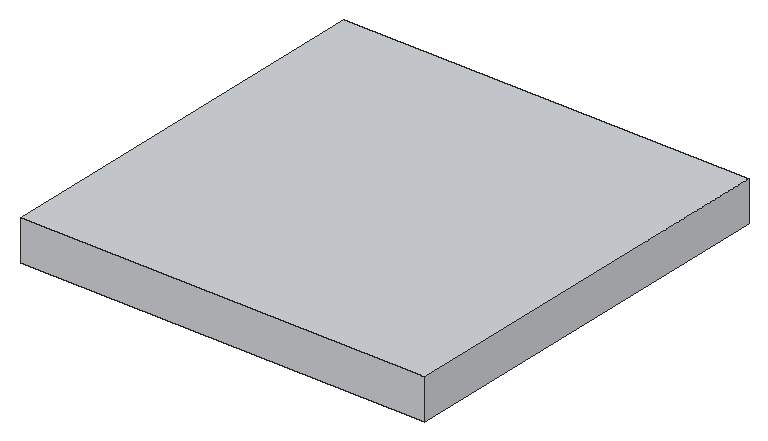
Revit family "MLS3-M1", category Lighting Fixtures, host Face, Revit 2019
Family settings
  Host = Face
  Round Connector Dimension = Use Diameter
  Part Type = Normal
  OmniClass Number = 23.80.70.11
  OmniClass Title = Luminaries for Internal Lighting
  Cut with Voids When Loaded = No
  Light Source = Yes
  Shared = No
  Room Calculation Point = No
Parameters
  Wattage Comments = ""
  Wattage = 12.1178 W
  built-in parameter 1150110 = 1 (stored number, unit not read)
  Voltage Comment = "120/277 UNV Volt"
  Voltage [instance] = 120 V
  URL = "https://mercltg.com/product/mls3-m/"
  built-in parameter 1114217 = 1 (stored number, unit not read)
  Tilt Angle = 90.00°
  built-in parameter 1150109 = 1 (stored number, unit not read)
  built-in parameter 1150134 = (empty or 0)
  built-in parameter 1150113 = 1 (stored number, unit not read)
  No of Poles [instance] = 1
  Model = "MLS3-M1"
  Manufacturer = "Mercury Lighting"
  Load Classifcation = Lighting
  Load [instance] = 0 W
  Photometric Web File = "mer11654729.13-MLS3-M-48-950-35K-HTA-1-U.ies"
  Lumens = 1800 lm
  built-in parameter 1150115 = 1 (stored number, unit not read)
  built-in parameter 1150105 = 143.24 (stored number, unit not read)
  built-in parameter 1150137 = (empty or 0)
  built-in parameter 1150139 = (empty or 0)
  Lens = Acrylic
  built-in parameter 1150112 = 1 (stored number, unit not read)
  built-in parameter 1150114 = 1 (stored number, unit not read)
  Lamp = "LED"
  built-in parameter 1150132 = 2
  built-in parameter 1150102 = (empty or 0)
  built-in parameter 1150138 = (empty or 0)
  built-in parameter 1150107 = 3000 (stored number, unit not read)
  built-in parameter 1150106 = 1.4324 (stored number, unit not read)
  Housing = Metal, Paint Finish, White, Matte
  Fixture length [instance] = 4' - 0"
  Fixture width = 0' - 3"
  Emit from Rectangle Width = 2' - 0"
  Emit from Rectangle Length = 4' - 0"
  Emit Shape Visible in Rendering = no
  built-in parameter 1150104 = 13.8 (stored number, unit not read)
  Dimming Lamp Color Temperature Shift = (empty or 0)
  Default Elevation [instance] = 4' - 0"
  Color Filter = 16777215
  built-in parameter 1114218 = 1 (stored number, unit not read)
  built-in parameter 1150133 = 10 (stored number, unit not read)
  Apparent Load = 0 VA
Reference planes (in)
  plane 1 "Light Source Axis (F/B)": y = 0
  plane 2 "Ceiling": z = 0
  plane 3 "Light Source Axis (L/R)": x = 0
  plane 4 "Light Source Elevation": z = -2.5
  plane 5: x = 24
  plane 6: x = -24
  plane 7: x = 23.9375
  plane 8: x = -23.9375
  plane 9: z = 0
Forms (in)
  Extrusion 1, solid, material "Metal, Paint Finish, White, Matte" <- "Housing"
    sketch origin (0, 0, 0) x (0, 1, 0) y (0, 0, 1)
      loop
        line (1.5, 0) -> (-1.5, 0) -> (-1.5, -3.5) -> (1.5, -3.5) -> (1.5, 0)
    from -24 to 24
  Extrusion 2, void
    sketch origin (0, 0, 0) x (0, 1, 0) y (0, 0, 1)
      loop
        line (-1.4375, -3.5) -> (1.4375, -3.5) -> (1.4375, -2.5) -> (-1.4375, -2.5) -> (-1.4375, -3.5)
    from -23.9375 to 23.9375
  Extrusion 3, solid, material "Acrylic" <- "Lens"
    sketch origin (0, 0, 0) x (0, 1, 0) y (0, 0, 1)
      loop
        line (1.4375, -3.5) -> (1.4375, -3.375) -> (-1.4375, -3.375) -> (-1.4375, -3.5) -> (1.4375, -3.5)
    from -23.9375 to 23.9375
  Extrusion 4, solid
    sketch origin (0, 0, 0) x (1, 0, 0) y (0, 1, 0)
      loop
        line (-60, -60) -> (60, -60) -> (60, 60) -> (-60, 60) -> (-60, -60)
    from 0 to 12
Cuts and joins
  Extrusion 2 cuts Extrusion 1
Dimensions and locks (in)
  equal spacing: Extrusion 1 sketch curve, imposter light, Extrusion 1 sketch curve
  "Fixture width": Extrusion 1 sketch curve to Extrusion 1 sketch curve
  locked: Extrusion 1 sketch curve to Extrusion 1 sketch curve at 3.5
  equal spacing: plane 5, plane 3 "Light Source Axis (L/R)", plane 6
  "Fixture length": plane 5 to plane 6
  locked: plane 8 to plane 6 at 0.0625
  locked: plane 7 to plane 5 at 0.0625
  locked: Extrusion 1 to Extrusion 2 sketch curve at 0.0625  (x2)
  plane 2 "Ceiling" to Extrusion 2 sketch curve to Extrusion 2 sketch curve = 0' - 2 1/2", 0' - 1" locked
  Extrusion 3 sketch curve to Extrusion 3 sketch curve to plane 4 "Light Source Elevation" = 0' - 0 1/8" locked, 0' - 0 7/8"
  aligned and locked: plane 3 "Light Source Axis (L/R)" to imposter light
  aligned and locked: plane 1 "Light Source Axis (F/B)" to imposter light
  aligned and locked: plane 4 "Light Source Elevation" to imposter light
  aligned and locked: Extrusion 4 to Extrusion 1 sketch curve
  aligned and locked: plane 5 to Extrusion 1
  aligned and locked: Extrusion 1 to plane 6
  aligned and locked: plane 7 to Extrusion 2
  aligned and locked: Extrusion 2 to plane 8
  aligned and locked: plane 4 "Light Source Elevation" to cut or joined group of Extrusion 1, Extrusion 2
  aligned and locked: Extrusion 3 sketch curve to cut or joined group of Extrusion 1, Extrusion 2  (x2)
  aligned and locked: plane 7 to Extrusion 3
  aligned and locked: Extrusion 3 to plane 8
Automatic sketch dimensions
  Extrusion 4 sketch curve to Extrusion 4 sketch curve = 10' - 0"  (x2)
Connectors (in)
  electrical at (0, 0, 0), driven by "No of Poles", driven by "Voltage", driven by "Load", driven by "Load Classifcation"
    settings: on cut or joined group of Extrusion 1, Extrusion 2, index 1, voltage 120 V, apparent load 0 VA, apparent load phase1 0 VA, apparent load phase2 0 VA, apparent load phase3 0 VA, power factor 1, load classification "Lighting", number of poles 1, system type 31, power factor state 1, is connector primary yes, connector utility no, sub classification motor no, connector description ""
